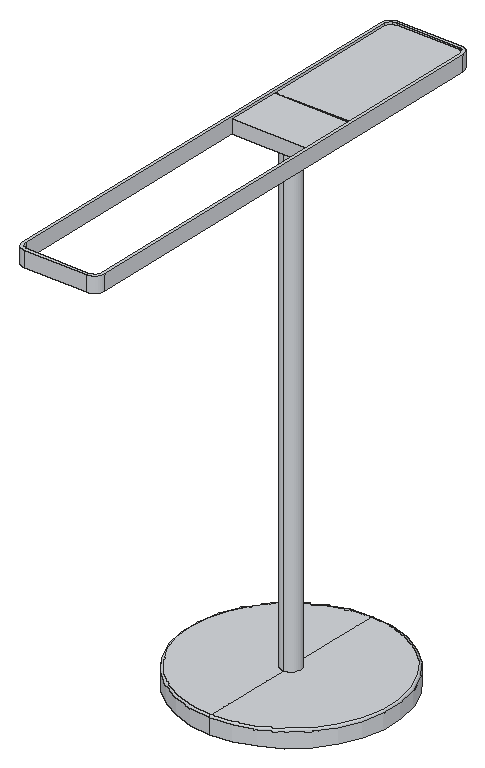
Revit family "Accessory-Towel_Rack-KOHLER-LOURE-K-98460T", category Specialty Equipment, host Face, Revit 2017
Family settings
  Host = Face
  Round Connector Dimension = Use Diameter
  Part Type = Normal
  OmniClass Number = 23.31.25.25
  OmniClass Title = Towel Bars
  Cut with Voids When Loaded = No
  Shared = No
  Room Calculation Point = No
Parameters (values of type "CP-Polished Chrome")
  Width = 10.62992"  # constant formula
  WaterSense Certified = 1 = 0  # no
  URL = "http://www.kohler.com.cn/"
  Type = 1
  Product Page URL = "https://www.kohler.com.cn/product/K-98460T-CP/K-98460T-CP/"
  Product Name = "LOURE"  # constant formula
  Product Documentation Link = "https://files.kohler.com.cn/pdfs/k-98460T.pdf"
  Model = "K-98460T-CP"  # constant formula
  Material = "Premium Metal Construction"  # constant formula
  Master Format 2014 Name = "Toilet, Bath, and Laundry Accessories"  # constant formula
  Master Format 2014 = "10 28 00"  # constant formula
  Manufacturer Address = "Kohler Beijing Office (100016) 36-2-03-B, No. 88, Liuxiang Road, Beijing"  # constant formula
  Manufacturer = "KOHLER Co."  # constant formula
  Length = 24.33071"  # constant formula
  Height = 26.37795"  # constant formula
  Finish = Kohler-Metal-CP-Polished_Chrome
  Environmental Product Declaration = ""
  Description = "Freestanding bath towel rack"  # constant formula
  Default Elevation = 36"
  Declare Label = ""
  Date Modified = "07/23/2020"  # constant formula
  Date Created = "07/23/2020"  # constant formula
  Copyright = "Copyright KOHLER Co."  # constant formula
  Contact Us = "http://www.kohler.com.cn/contact/contact-us/"
  Assembly Code = "C1030200"
  ADA Compliant = 1 = 0  # no
Reference planes (in)
  plane 1 "Center (Front/Back)": y = 0
  plane 2: z = 0
  plane 3 "Center (Left/Right)": x = 0
  plane 4: y = 9.01575
  plane 5: y = 8.85827
  plane 6: y = 5.31496
  plane 7: y = 1.3878
  plane 8: y = -1.37905
  plane 9: y = -9.01575
  plane 10: y = -15.15748
  plane 11: y = -15.31496
  plane 12: x = 5.31496
  plane 13: x = 2.12598
  plane 14: x = -5.31496
  plane 15: x = -2.12598
  plane 16: z = 26.37795
  plane 17: z = 25.59055
  plane 18: z = 0.86614
  plane 19: x = 0.49213
  plane 20: x = -0.49213
  plane 21: y = -5.31496
Dimensions and locks (in)
  "Height": plane 16 to level
  plane 16 to plane 18 = 25.51181"
  "Width": plane 14 to plane 12
  plane 13 to plane 15 = 4.25197"
  "Length": plane 4 to plane 11
  plane 1 "Center (Front/Back)" to plane 11 = 15.31496"
  aligned and locked: plane 2 to host face
  aligned and locked: level to host face
Automatic sketch dimensions
  host sketch curve to host sketch curve = 96"  (x2)
Nested families (in)
  nested 1: "K-98460T" at (0, 0, 0), type "K-98460T"
Definition of nested family "K-98460T"
  Parameters (values of type "K-98460T")
    Material = none
  Reference planes (in)
    plane 1 "Center (Front/Back)": y = 0
    plane 2: z = 0
    plane 3 "Center (Left/Right)": x = 0
    plane 4: z = 26.37795
    plane 5: y = -0.49213
    plane 6: y = -5.31496
    plane 7: y = 9.01575
    plane 8: z = 0.86614
    plane 9: y = 0.49213
    plane 10: y = 5.31496
    plane 11: x = 2.12598
    plane 12: x = -2.12598
    plane 13: x = 5.31496
    plane 14: x = -5.31496
    plane 15: z = 25.59055
    plane 16: z = 26.29921
    plane 17: y = 1.3878
    plane 18: y = -1.37905
    plane 19: x = -1.9685
    plane 20: x = 1.9685
    plane 21: y = 8.85827
    plane 22: x = -0.49213
    plane 23: x = 0.49213
    plane 24: y = -9.01575
    plane 25: y = -15.31496
    plane 26: y = -15.15748
    plane 27: y = 8.85827
  Forms (in)
    Revolve 1, solid, material <- "Material", detail levels medium+fine
      sketch origin (0, 0, 0) x (0, -1, 0) y (0, 0, 1)
        loop
          line (0, 0) -> (5.31496, 0) -> (5.31496, 0.76772)
          arc (5.31496, 0.76772) -> (5.28613, 0.83731) -> (5.21654, 0.86614) r 0.09843
          line (5.21654, 0.86614) -> (0.49213, 0.86614) -> (0.49213, 26.11701) -> (0, 26.11701) -> (0, 0)
        axis (0, 26.11701) -> (0, 0)
      angle from 0 to 360
    Extrusion 2, solid, material <- "Material", detail levels medium+fine
      sketch origin (0, 0, 0) x (-1, 0, 0) y (0, -1, 0)
        loop
          line (-1.61417, -8.85827) -> (1.61417, -8.85827)
          arc (1.61417, -8.85827) -> (1.86472, -8.75449) -> (1.9685, -8.50394) r 0.35433
          line (1.9685, -8.50394) -> (1.9685, 14.80315)
          arc (1.9685, 14.80315) -> (1.86472, 15.0537) -> (1.61417, 15.15748) r 0.35433
          line (1.61417, 15.15748) -> (-1.61417, 15.15748)
          arc (-1.61417, 15.15748) -> (-1.86472, 15.0537) -> (-1.9685, 14.80315) r 0.35433
          line (-1.9685, 14.80315) -> (-1.9685, -8.50394)
          arc (-1.9685, -8.50394) -> (-1.86472, -8.75449) -> (-1.61417, -8.85827) r 0.35433
        loop
          arc (1.61446, -9.01575) -> (1.97616, -8.86593) -> (2.12598, -8.50422) r 0.51152
          line (2.12598, -8.50422) -> (2.12598, 14.80315)
          arc (2.12598, 14.80315) -> (1.97608, 15.16505) -> (1.61417, 15.31496) r 0.51181
          line (1.61417, 15.31496) -> (-1.61417, 15.31496)
          arc (-1.61417, 15.31496) -> (-1.97608, 15.16505) -> (-2.12598, 14.80315) r 0.51181
          line (-2.12598, 14.80315) -> (-2.12598, -8.50394)
          arc (-2.12598, -8.50394) -> (-1.97608, -8.86584) -> (-1.61417, -9.01575) r 0.51181
          line (-1.61417, -9.01575) -> (1.61446, -9.01575)
      from 25.59055 to 26.37795
    Extrusion 3, solid, material <- "Material", detail levels medium+fine
      sketch origin (0, 0, 0) x (-1, 0, 0) y (0, -1, 0)
        loop
          line (-1.9685, -8.85827) -> (1.9685, -8.85827) -> (1.9685, -1.3878) -> (-1.9685, -1.3878) -> (-1.9685, -8.85827)
      from 25.79505 to 26.29921
    Extrusion 4, solid, material <- "Material", detail levels medium+fine
      sketch origin (0, 0, 0) x (0, -1, 0) y (0, 0, 1)
        loop
          line (-1.3878, 26.27024) -> (-1.3878, 25.59055) -> (1.37905, 25.59055) -> (1.37905, 26.27024) -> (-1.3878, 26.27024)
      from -2.12598 to 2.12598
    Revolve 5, solid, material <- "Material", detail levels coarse
      sketch origin (0, 0, 0) x (0, 1, 0) y (0, 0, 1)
        loop
          line (0, 0) -> (5.31496, 0) -> (5.31496, 0.86614) -> (0.49213, 0.86614) -> (0.49213, 25.59055) -> (0, 25.59055) -> (0, 0)
        axis (0, 25.59055) -> (0, 0)
      angle from 0 to 360
    Extrusion 6, solid, material <- "Material", detail levels coarse
      sketch origin (-0.00001, 0.00874, 0) x (-0.999999, -0.001161, 0) y (0.001161, -0.999999, 0)
        loop
          line (-2.12598, 15.31496) -> (-2.12598, -9.01575) -> (2.12598, -9.01575) -> (2.12598, 15.31496) -> (-2.12598, 15.31496)
        loop
          line (-1.97608, 15.16505) -> (-1.97608, 1.37905) -> (1.9685, 1.37905) -> (1.9685, 15.16505) -> (-1.97608, 15.16505)
      from 25.59055 to 26.37795
  Cuts and joins
    joined: Revolve 1, Extrusion 2, Extrusion 3, Extrusion 4
    joined: Revolve 5, Extrusion 6
  Lines and regions (in)
    Masking region 1
      outline origin (0, 0, 0) x (-1, 0, 0) y (0, -1, 0)
        loop
          line (-1.61417, -9.01575) -> (1.61446, -9.01575)
          arc (1.61446, -9.01575) -> (1.97616, -8.86593) -> (2.12598, -8.50422) r 0.51152
          line (2.12598, -8.50422) -> (2.12598, -4.87124)
          arc (2.12598, -4.87124) -> (5.31496, 0) -> (2.12598, 4.87124) r 5.31496
          line (2.12598, 4.87124) -> (2.12598, 14.80315)
          arc (2.12598, 14.80315) -> (1.97608, 15.16505) -> (1.61417, 15.31496) r 0.51181
          line (1.61417, 15.31496) -> (-1.61417, 15.31496)
          arc (-1.61417, 15.31496) -> (-1.97608, 15.16505) -> (-2.12598, 14.80315) r 0.51181
          line (-2.12598, 14.80315) -> (-2.12598, 4.87124)
          arc (-2.12598, 4.87124) -> (-5.31496, 0) -> (-2.12598, -4.87124) r 5.31496
          line (-2.12598, -4.87124) -> (-2.12598, -8.50394)
          arc (-2.12598, -8.50394) -> (-1.97608, -8.86584) -> (-1.61417, -9.01575) r 0.51181
    Masking region 2
      outline origin (0, 0, 0) x (1, 0, 0) y (0, 0, 1)
        loop
          line (2.12598, 26.37795) -> (-2.12598, 26.37795) -> (-2.12598, 25.59055) -> (-0.49213, 25.59055) -> (-0.49213, 0.86614) -> (-5.21712, 0.86614)
          arc (-5.21712, 0.86614) -> (-5.2863, 0.83748) -> (-5.31496, 0.7683) r 0.09784
          line (-5.31496, 0.7683) -> (-5.31496, 0) -> (5.31496, 0) -> (5.31496, 0.76719)
          arc (5.31496, 0.76719) -> (5.28598, 0.83716) -> (5.21601, 0.86614) r 0.09895
          line (5.21601, 0.86614) -> (0.49213, 0.86614) -> (0.49213, 25.59055) -> (2.12598, 25.59055) -> (2.12598, 26.37795)
    Masking region 3
      outline origin (0, 0, 0) x (0, 1, 0) y (0, 0, 1)
        loop
          line (9.01575, 26.37795) -> (-15.31496, 26.37795) -> (-15.31496, 25.59055) -> (-0.49213, 25.59055) -> (-0.49213, 0.86614) -> (-5.21775, 0.86614)
          arc (-5.21775, 0.86614) -> (-5.28649, 0.83767) -> (-5.31496, 0.76893) r 0.09721
          line (-5.31496, 0.76893) -> (-5.31496, 0) -> (5.31496, 0) -> (5.31496, 0.76862)
          arc (5.31496, 0.76862) -> (5.2864, 0.83758) -> (5.21744, 0.86614) r 0.09752
          line (5.21744, 0.86614) -> (0.49213, 0.86614) -> (0.49213, 25.59055) -> (9.01575, 25.59055) -> (9.01575, 26.37795)
    symbolic lines, detail levels medium+fine
      curve 1: line (1.9685, 8.50394, 0) -> (1.9685, -4.93847, 0)
      curve 2: arc (1.61417, 8.85827, 0) -> (1.86472, 8.75449, 0) -> (1.9685, 8.50394, 0) r 0.35433
      curve 3: line (-1.61417, 8.85827, 0) -> (1.61417, 8.85827, 0)
      curve 4: arc (-1.9685, 8.50394, 0) -> (-1.86472, 8.75449, 0) -> (-1.61417, 8.85827, 0) r 0.35433
      curve 5: line (-1.9685, -4.93847, 0) -> (-1.9685, 8.50394, 0)
      curve 6: line (-1.9685, 1.3878, 0) -> (1.9685, 1.3878, 0)
      curve 7: line (-1.9685, -1.37905, 0) -> (1.9685, -1.37905, 0)
      curve 8: line (2.12598, -4.87124, 0) -> (2.12598, 4.80465, 0)
      curve 9: line (-2.12598, 4.80465, 0) -> (-2.12598, -4.87124, 0)
      curve 10: line (-0.49213, 0, 25.59055) -> (0.49213, 0, 25.59055)
      curve 11: line (-0.49213, 0, 0.86614) -> (0.49213, 0, 0.86614)
      curve 12: line (0, 0.49213, 25.59055) -> (0, -0.49213, 25.59055)
      curve 13: arc (2.12598, -4.79591, 0) -> (5.25, 0.00437, 0) -> (2.12598, 4.80465, 0) r 5.25
      curve 14: arc (-1.9685, -4.86261, 0) -> (0, -5.24563, 0) -> (1.9685, -4.86261, 0) r 5.25
      curve 15: arc (-2.12598, 4.80465, 0) -> (-5.25, 0.00437, 0) -> (-2.12598, -4.79591, 0) r 5.25
      curve 16: line (-1.9685, 0, 26.37795) -> (-1.9685, 0, 25.59055)
      curve 17: line (1.9685, 0, 26.37795) -> (1.9685, 0, 25.59055)
      curve 18: line (0, 8.85827, 26.37795) -> (0, 8.85827, 25.59055)
      curve 19: line (0, -15.15748, 26.37795) -> (0, -15.15748, 25.59055)
      curve 20: line (0, 0.49213, 0.86614) -> (0, -0.49213, 0.86614)
      curve 21: line (0, 1.37905, 26.37795) -> (0, 1.37905, 25.59055)
      curve 22: line (-1.9685, -4.93847, 0) -> (-1.9685, -14.80315, 0)
      curve 23: line (0, -15.15748, 0) -> (-1.61417, -15.15748, 0)
      curve 24: arc (-1.61417, -15.15748, 0) -> (-1.86472, -15.0537, 0) -> (-1.9685, -14.80315, 0) r 0.35433
      curve 25: arc (-1.9685, -4.93847, 0) -> (0, -5.32426, 0) -> (1.9685, -4.93847, 0) r 5.21511
      curve 26: line (1.9685, -4.93847, 0) -> (1.9685, -14.80315, 0)
      curve 27: line (0, -15.15748, 0) -> (1.61417, -15.15748, 0)
      curve 28: arc (1.61417, -15.15748, 0) -> (1.86472, -15.0537, 0) -> (1.9685, -14.80315, 0) r 0.35433
      curve 29: line (-5.31496, 0, 0.7683) -> (5.31496, 0, 0.76719)
      curve 30: line (0, 5.31496, 0.76862) -> (0, -5.31496, 0.76893)
  Dimensions and locks (in)
    aligned and locked: plane 2 to level
